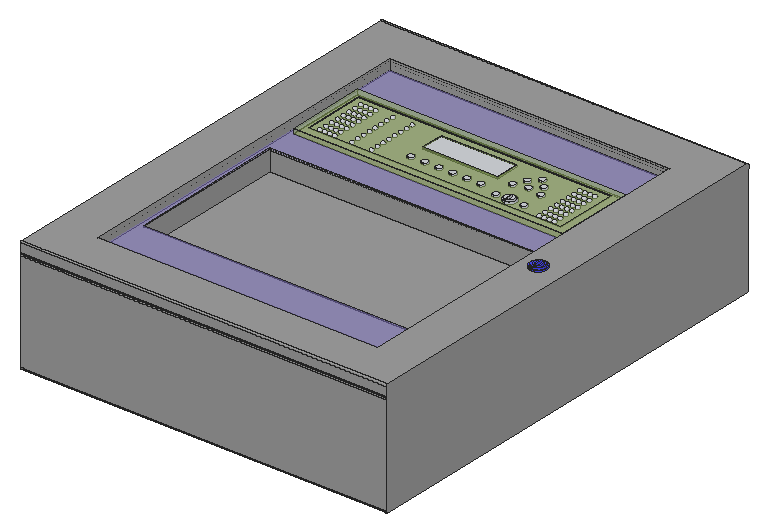
Revit family "Maxlogic Contrôle Panneaux d'Alarme Incendie Adressable Intelligent grande caisse", category Fire Alarm Devices, host Face, Revit 2021
Family settings
  Host = Face
  Maintain Annotation Orientation = Yes
  Round Connector Dimension = Use Diameter
  Part Type = Normal
  OmniClass Number = 23.85.30.21
  OmniClass Title = Environmental Detection/Registration
  Cut with Voids When Loaded = No
  Shared = No
  Room Calculation Point = No
Parameters (values of type "Panneau de Contrôle d'Alarme Incendie Adressable,15 Boucle ,1905 Adresse")
  Poids = "~ 34,25 - 35,70 kg (Akü hariç ağırlık)"
  Boîtier de montage en surface étanche = ""
  Unité de durée de garantie = "Ans"
  Durée de la garantie réservé = "2"
  Durée de la garantie Travail = "2"
  Version = ""
  URL = "https://www.mavili.com.tr/"
  Socle montage de Surlévé = ""
  Numéro de pose des travaux publics = "833-317"
  protection de Classe = "IP30"
  Code de Produit = "ML-12515"
  Numèro de Téléphone = "(+)90 216 466 45 05"
  Voltage de fonctionnement (default) = ""
  voltage fonction d'opération = ""
  Tempèrature de Fonctionnement = "(-10°C) - (+55°C)"
  Largeur Nominale = "205 mm"
  Longeur Nominale = "650 mm"
  Hauteur Nominale = "800 mm"
  Surface de Montage = "Montage à Mur"
  Hauteur de Montage = ""
  Model = "Maxlogic"
  Manufacturer = "Mavili Elektronik Ticaret A.Ş."
  Manuel d'installation = "https://mavilielektronik.com/Revit/ML125XX_enkk.pdf"
  Sortie d'indicateur = ""
  Numèro de Fax = "(+)90 216 466 45 10"
  Alimentation d'externe = "220 V AC"
  E-Poste = "mavili@mavili.com.tr"
  Avertissement = ""
  Charger adresse d'appareil = ""
  Description = "Panneau de Contrôle d'Alarme Incendie Adressable,15 Boucle ,1905 Adresse"
  Default Elevation = 0 mm
  Current de Consommation = ""
  Coût Unité = ""
  Cost = 0
  Socles Compatible = ""
  Couleur = "Rouge"
  Code de  Performance = "EN 54\u001f-2 / EN 54-\u001f4"
  Matériel Principe = "Mètale Rouge"
  Deuxime Matèriel = "Plexiglas"
  Batterie = "4 X (12V DC 7 Ah )"
  Adresse ligne 1 = "Şerifali Mahallesi Kutup Sokak No:27/1-2-4 Ümraniye TR-34775 İSTANBUL"
Types (18, lengths in mm): name | Poids | Unité de durée de garantie | Numéro de pose des travaux publics | Code de Produit | Model | Description
  (no name) | "~ 34,25 - 35,70 kg (Akü hariç ağırlık)" | "Ans" | "833-317" | "ML-12515" | "Maxlogic" | "Panneau de Contrôle d'Alarme Incendie Adressable,15 Boucle ,1905 Adresse"
  Maxlogic Tableau Répétiteur sans boucle avec réseau | "~ 34,25 - 35,70 kg (Akü hariç ağırlık)" | "Ans" | "" | "ML-1250.N" | "Maxlogic" | "Tableau Répétiteur sans boucle avec réseau"
  Maxlogic Panneau de Contrôle d'Alarme Incendie Adressable,1 Boucle ,127 Adresse | "~ 34,25 - 35,70 kg (Sans batterie)" | "Ans" | "" | "ML-1251" | "Maxlogic" | "Panneau de Contrôle d'Alarme Incendie Adressable , 1 Boucle ,127 Adresse"
  Maxlogic Panneau de Contrôle d'Alarme Incendie Adressable,2 Boucle ,254 Adresse | "~ 34,25 - 35,70 kg (Sans batterie)" | "Ans" | "" | "ML-1252" | "MaxLogic" | "Panneau de Contrôle d'Alarme Incendie Adressable , 2 Boucle ,254 Adresse"
  Maxlogic Panneau de Contrôle d'Alarme Incendie Adressable,3 Boucle ,381 Adresse | "~ 34,25 - 35,70 kg (Sans Batterie)" | "Ans" | "" | "ML-1253" | "Maxlogic" | "Panneau de Contrôle d'Alarme Incendie Adressable ,3 Boucle ,381 Adresse"
  Maxlogic Panneau de Contrôle d'Alarme Incendie Adressable,4 Boucle ,508 Adresse | "~ 34,25 - 35,70 kg (Sans batterie)" | "Ans" | "" | "ML-1254" | "Maxlogic" | "Panneau de Contrôle d'Alarme Incendie Adressable , 4 Boucle ,508 Adresse"
  Maxlogic Panneau de Contrôle d'Alarme Incendie Adressable,5 Boucle ,635 Adresse | "~ 34,25 - 35,70 kg (Sans batterie)" | "Ans" | "" | "ML-1255" | "Maxlogic" | "Panneau de Contrôle d'Alarme Incendie Adressable , 5 Boucle ,635 Adresse"
  Maxlogic Panneau de Contrôle d'Alarme Incendie Adressable,6 Boucle ,762 Adresse | "~ 34,25 - 35,70 kg (Sans batterie)" | "Ans" | "" | "ML-1256" | "Maxlogic" | "Panneau de Contrôle d'Alarme Incendie Adressable,6 Boucle ,762 Adresse"
  Maxlogic  Panneau de Contrôle d'Alarme Incendie Adressable,7 Boucle ,889 Adresse | "~ 34,25 - 35,70 kg (Sans batterie)" | "Ans" | "" | "ML-1257" | "Maxlogic" | "Panneau de Contrôle d'Alarme Incendie Adressable,7 Boucle ,889 Adresse"
  Maxlogic  Panneau de Contrôle d'Alarme Incendie Adressable,8 Boucle ,1016 Adresse | "~ 34,25 - 35,70 kg (Sans batterie)" | "Ans" | "" | "ML-1258" | "Maxlogic" | "Panneau de Contrôle d'Alarme Incendie Adressable,8 Boucle ,1016 Adresse"
  Maxlogic  Panneau de Contrôle d'Alarme Incendie Adressable,9 Boucle ,1143 Adresse | "~ 34,25 - 35,70 kg (sans batterie)" | "Ans" | "833-311" | "ML-1259" | "Maxlogic" | "Panneau de Contrôle d'Alarme Incendie Adressable,9 Boucle ,1143 Adresse"
  Maxlogic  Panneau de Contrôle d'Alarme Incendie Adressable,10 Boucle ,1270 Adresse | "~ 34,25 - 35,70 kg (sans batterie)" | "Ans" | "833-312" | "ML-12510" | "Maxlogic" | "Panneau de Contrôle d'Alarme Incendie Adressable,10 Boucle ,1270 Adresse"
  Maxlogic  Panneau de Contrôle d'Alarme Incendie Adressable,11 Boucle ,1397 Adresse | "~ 34,25 - 35,70 kg (sans batterie)" | "Ans" | "833-313" | "ML-12511" | "Maxlogic" | "Panneau de Contrôle d'Alarme Incendie Adressable,11 Boucle ,1397 Adresse"
  Maxlogic Panneau de Contrôle d'Alarme Incendie Adressable,12 Boucle ,1524 Adresse | "~ 34,25 - 35,70 kg (sans batterie)" | "Year" | "833-314" | "ML-12512" | "Maxlogic" | "Panneau de Contrôle d'Alarme Incendie Adressable,12 Boucle ,1524 Adresse"
  Maxlogic  Panneau de Contrôle d'Alarme Incendie Adressable,13 Boucle ,1651 Adresse | "~ 34,25 - 35,70 kg (sans batterie)" | "Ans" | "833-315" | "ML-12513" | "Maxlogic" | "Panneau de Contrôle d'Alarme Incendie Adressable,13 Boucle ,1651 Adresse"
  Maxlogic  Panneau de Contrôle d'Alarme Incendie Adressable,14 Boucle ,1778 Adresse | "~ 34,25 - 35,70 kg (Sans batterie)" | "Ans" | "833-316" | "ML-12514" | "Maxlogic" | "Panneau de Contrôle d'Alarme Incendie Adressable,14 Boucle ,1778 Adresse"
  Panneau de Contrôle d'Alarme Incendie Adressable,15 Boucle ,1905 Adresse | "~ 34,25 - 35,70 kg (Akü hariç ağırlık)" | "Ans" | "833-317" | "ML-12515" | "Maxlogic" | "Panneau de Contrôle d'Alarme Incendie Adressable,15 Boucle ,1905 Adresse"
  Maxlogic Panneau de Contrôle d'Alarme Incendie Adressable,16 Boucle ,2032 Adresse | "~ 34,25 - 35,70 kg (Akü hariç ağırlık)" | "Ans" | "833-318" | "ML-12516" | "Maxlogic" | "Panneau de Contrôle d'Alarme Incendie Adressable,16 Boucle ,2032 Adresse"
Reference planes
  plane 1 "Center (Front/Back)": y = 0
  plane 2: z = 0
  plane 3 "Center (Left/Right)": x = 0
Forms (mm)
  Extrusion 1, solid, material "MAVİLİ KIRMIZI"
    sketch origin (0, 0, 0) x (0, 1, 0) y (0, 0, 1)
      loop
        arc (400, 0) -> (401.202, 0.498) -> (401.7, 1.7) r 1.7
        line (401.7, 1.7) -> (401.7, 20) -> (401.7, 22) -> (401.7, 169.2) -> (401.7, 171.2) -> (401.7, 181.2)
        arc (401.7, 181.2) -> (401.319, 182.119) -> (400.4, 182.5) r 1.3
        line (400.4, 182.5) -> (375.5, 182.5) -> (375.5, 183.35) -> (400.4, 183.35)
        arc (400.4, 183.35) -> (402.238, 184.112) -> (403, 185.95) r 2.6
        line (403, 185.95) -> (403, 202.45)
        arc (403, 202.45) -> (402.268, 204.218) -> (400.5, 204.95) r 2.5
        line (400.5, 204.95) -> (-400.5, 204.95)
        arc (-400.5, 204.95) -> (-402.268, 204.218) -> (-403, 202.45) r 2.5
        line (-403, 202.45) -> (-403, 185.95)
        arc (-403, 185.95) -> (-402.238, 184.112) -> (-400.4, 183.35) r 2.6
        line (-400.4, 183.35) -> (-388, 183.35) -> (-375.4, 183.35) -> (-375.4, 182.507) -> (-400.401, 182.507)
        arc (-400.401, 182.507) -> (-401.319, 182.127) -> (-401.7, 181.208) r 1.299
        line (-401.7, 181.208) -> (-401.7, 1.7)
        arc (-401.7, 1.7) -> (-401.202, 0.498) -> (-400, 0) r 1.7
        line (-400, 0) -> (400, 0)
    from 0 to 653.309
  Extrusion 2, solid, material "MAVİLİ KOYU GRİ"
    sketch origin (0, 400.5, 204.95) x (0, -1, 0) y (1, 0, 0)
      loop
        circle (408.79, 607.566) r 14.964
    from 0 to 1.467
  Extrusion 3, solid, material "MAVİLİ KOYU GRİ"
    sketch origin (0, 400.5, 204.95) x (0, -1, 0) y (1, 0, 0)
      loop
        circle (408.79, 607.566) r 11.5
    from 0 to 3.526
  Extrusion 4, solid, material "MAVİLİ KOYU GRİ"
    sketch origin (0, 400.5, 204.95) x (0, -1, 0) y (1, 0, 0)
      loop
        circle (408.79, 607.566) r 7.5
    from 0 to 4.805
  Extrusion 5, solid, material "MAVİLİ KOYU GRİ"
    sketch origin (0, 400.5, 204.95) x (0, -1, 0) y (1, 0, 0)
      loop
        line (414.975, 609.11) -> (402.606, 609.11) -> (402.606, 606.022) -> (414.975, 606.022) -> (414.975, 609.11)
    from 0 to 7.467
  Extrusion 6, void
    sketch origin (0, 0, 0) x (1, 0, 0) y (0, 1, 0)
      loop
        line (77.8, 322.429) -> (77.8, -327.571) -> (577.8, -327.571) -> (577.8, 322.429) -> (77.8, 322.429)
    from 185.95 to 212.35
  Extrusion 7, solid, material "MAVİLİ BEYAZ"
    sketch origin (0, 0, 185.95) x (1, 0, 0) y (0, 1, 0)
      loop
        line (87.8, 238.929) -> (87.8, 95.929) -> (567.8, 95.929) -> (567.8, 238.929) -> (87.8, 238.929)
    from 0 to 11.04
  Extrusion 8, void
    sketch origin (0, 0, 196.99) x (0, 1, 0) y (1, 0, 0)
      loop
        line (223.929, 102.8) -> (223.929, 552.8) -> (110.929, 552.8) -> (110.929, 102.8) -> (223.929, 102.8)
    from 0 to 2.067
  Revolve 9, solid
    sketch origin (0, 0, 194.923) x (0, 1, 0) y (-1, 0, 0)
      loop
        line (211.929, -117.7) -> (205.929, -117.7)
        arc (205.929, -117.7) -> (208.929, -120.7) -> (211.929, -117.7) r 3
      axis (211.929, -117.7) -> (205.929, -117.7)
    angle from 0 to -180
  Revolve 10, solid
    sketch origin (9, 0, 194.923) x (0, 1, 0) y (-1, 0, 0)
      loop
        line (211.929, -117.7) -> (205.929, -117.7)
        arc (205.929, -117.7) -> (208.929, -120.7) -> (211.929, -117.7) r 3
      axis (211.929, -117.7) -> (205.929, -117.7)
    angle from 0 to -180
  Revolve 11, solid
    sketch origin (18, 0, 194.923) x (0, 1, 0) y (-1, 0, 0)
      loop
        line (211.929, -117.7) -> (205.929, -117.7)
        arc (205.929, -117.7) -> (208.929, -120.7) -> (211.929, -117.7) r 3
      axis (211.929, -117.7) -> (205.929, -117.7)
    angle from 0 to -180
  Revolve 12, solid
    sketch origin (27, 0, 194.923) x (0, 1, 0) y (-1, 0, 0)
      loop
        line (211.929, -117.7) -> (205.929, -117.7)
        arc (205.929, -117.7) -> (208.929, -120.7) -> (211.929, -117.7) r 3
      axis (211.929, -117.7) -> (205.929, -117.7)
    angle from 0 to -180
  Revolve 13, solid
    sketch origin (0, -13, 194.923) x (0, 1, 0) y (-1, 0, 0)
      loop
        line (211.929, -117.7) -> (205.929, -117.7)
        arc (205.929, -117.7) -> (208.929, -120.7) -> (211.929, -117.7) r 3
      axis (211.929, -117.7) -> (205.929, -117.7)
    angle from 0 to -180
  Revolve 14, solid
    sketch origin (9, -13, 194.923) x (0, 1, 0) y (-1, 0, 0)
      loop
        line (211.929, -117.7) -> (205.929, -117.7)
        arc (205.929, -117.7) -> (208.929, -120.7) -> (211.929, -117.7) r 3
      axis (211.929, -117.7) -> (205.929, -117.7)
    angle from 0 to -180
  Revolve 15, solid
    sketch origin (18, -13, 194.923) x (0, 1, 0) y (-1, 0, 0)
      loop
        line (211.929, -117.7) -> (205.929, -117.7)
        arc (205.929, -117.7) -> (208.929, -120.7) -> (211.929, -117.7) r 3
      axis (211.929, -117.7) -> (205.929, -117.7)
    angle from 0 to -180
  Revolve 16, solid
    sketch origin (27, -13, 194.923) x (0, 1, 0) y (-1, 0, 0)
      loop
        line (211.929, -117.7) -> (205.929, -117.7)
        arc (205.929, -117.7) -> (208.929, -120.7) -> (211.929, -117.7) r 3
      axis (211.929, -117.7) -> (205.929, -117.7)
    angle from 0 to -180
  Revolve 17, solid
    sketch origin (0, -26, 194.923) x (0, 1, 0) y (-1, 0, 0)
      loop
        line (211.929, -117.7) -> (205.929, -117.7)
        arc (205.929, -117.7) -> (208.929, -120.7) -> (211.929, -117.7) r 3
      axis (211.929, -117.7) -> (205.929, -117.7)
    angle from 0 to -180
  Revolve 18, solid
    sketch origin (9, -26, 194.923) x (0, 1, 0) y (-1, 0, 0)
      loop
        line (211.929, -117.7) -> (205.929, -117.7)
        arc (205.929, -117.7) -> (208.929, -120.7) -> (211.929, -117.7) r 3
      axis (211.929, -117.7) -> (205.929, -117.7)
    angle from 0 to -180
  Revolve 19, solid
    sketch origin (18, -26, 194.923) x (0, 1, 0) y (-1, 0, 0)
      loop
        line (211.929, -117.7) -> (205.929, -117.7)
        arc (205.929, -117.7) -> (208.929, -120.7) -> (211.929, -117.7) r 3
      axis (211.929, -117.7) -> (205.929, -117.7)
    angle from 0 to -180
  Revolve 20, solid
    sketch origin (27, -26, 194.923) x (0, 1, 0) y (-1, 0, 0)
      loop
        line (211.929, -117.7) -> (205.929, -117.7)
        arc (205.929, -117.7) -> (208.929, -120.7) -> (211.929, -117.7) r 3
      axis (211.929, -117.7) -> (205.929, -117.7)
    angle from 0 to -180
  Revolve 21, solid
    sketch origin (0, -39, 194.923) x (0, 1, 0) y (-1, 0, 0)
      loop
        line (211.929, -117.7) -> (205.929, -117.7)
        arc (205.929, -117.7) -> (208.929, -120.7) -> (211.929, -117.7) r 3
      axis (211.929, -117.7) -> (205.929, -117.7)
    angle from 0 to -180
  Revolve 22, solid
    sketch origin (9, -39, 194.923) x (0, 1, 0) y (-1, 0, 0)
      loop
        line (211.929, -117.7) -> (205.929, -117.7)
        arc (205.929, -117.7) -> (208.929, -120.7) -> (211.929, -117.7) r 3
      axis (211.929, -117.7) -> (205.929, -117.7)
    angle from 0 to -180
  Revolve 23, solid
    sketch origin (18, -39, 194.923) x (0, 1, 0) y (-1, 0, 0)
      loop
        line (211.929, -117.7) -> (205.929, -117.7)
        arc (205.929, -117.7) -> (208.929, -120.7) -> (211.929, -117.7) r 3
      axis (211.929, -117.7) -> (205.929, -117.7)
    angle from 0 to -180
  Revolve 24, solid
    sketch origin (27, -39, 194.923) x (0, 1, 0) y (-1, 0, 0)
      loop
        line (211.929, -117.7) -> (205.929, -117.7)
        arc (205.929, -117.7) -> (208.929, -120.7) -> (211.929, -117.7) r 3
      axis (211.929, -117.7) -> (205.929, -117.7)
    angle from 0 to -180
  Revolve 25, solid
    sketch origin (0, -52, 194.923) x (0, 1, 0) y (-1, 0, 0)
      loop
        line (211.929, -117.7) -> (205.929, -117.7)
        arc (205.929, -117.7) -> (208.929, -120.7) -> (211.929, -117.7) r 3
      axis (211.929, -117.7) -> (205.929, -117.7)
    angle from 0 to -180
  Revolve 26, solid
    sketch origin (9, -52, 194.923) x (0, 1, 0) y (-1, 0, 0)
      loop
        line (211.929, -117.7) -> (205.929, -117.7)
        arc (205.929, -117.7) -> (208.929, -120.7) -> (211.929, -117.7) r 3
      axis (211.929, -117.7) -> (205.929, -117.7)
    angle from 0 to -180
  Revolve 27, solid
    sketch origin (18, -52, 194.923) x (0, 1, 0) y (-1, 0, 0)
      loop
        line (211.929, -117.7) -> (205.929, -117.7)
        arc (205.929, -117.7) -> (208.929, -120.7) -> (211.929, -117.7) r 3
      axis (211.929, -117.7) -> (205.929, -117.7)
    angle from 0 to -180
  Revolve 28, solid
    sketch origin (27, -52, 194.923) x (0, 1, 0) y (-1, 0, 0)
      loop
        line (211.929, -117.7) -> (205.929, -117.7)
        arc (205.929, -117.7) -> (208.929, -120.7) -> (211.929, -117.7) r 3
      axis (211.929, -117.7) -> (205.929, -117.7)
    angle from 0 to -180
  Revolve 29, solid
    sketch origin (0, -65, 194.923) x (0, 1, 0) y (-1, 0, 0)
      loop
        line (211.929, -117.7) -> (205.929, -117.7)
        arc (205.929, -117.7) -> (208.929, -120.7) -> (211.929, -117.7) r 3
      axis (211.929, -117.7) -> (205.929, -117.7)
    angle from 0 to -180
  Revolve 30, solid
    sketch origin (9, -65, 194.923) x (0, 1, 0) y (-1, 0, 0)
      loop
        line (211.929, -117.7) -> (205.929, -117.7)
        arc (205.929, -117.7) -> (208.929, -120.7) -> (211.929, -117.7) r 3
      axis (211.929, -117.7) -> (205.929, -117.7)
    angle from 0 to -180
  Revolve 31, solid
    sketch origin (18, -65, 194.923) x (0, 1, 0) y (-1, 0, 0)
      loop
        line (211.929, -117.7) -> (205.929, -117.7)
        arc (205.929, -117.7) -> (208.929, -120.7) -> (211.929, -117.7) r 3
      axis (211.929, -117.7) -> (205.929, -117.7)
    angle from 0 to -180
  Revolve 32, solid
    sketch origin (27, -65, 194.923) x (0, 1, 0) y (-1, 0, 0)
      loop
        line (211.929, -117.7) -> (205.929, -117.7)
        arc (205.929, -117.7) -> (208.929, -120.7) -> (211.929, -117.7) r 3
      axis (211.929, -117.7) -> (205.929, -117.7)
    angle from 0 to -180
  Revolve 33, solid
    sketch origin (0, -78, 194.923) x (0, 1, 0) y (-1, 0, 0)
      loop
        line (211.929, -117.7) -> (205.929, -117.7)
        arc (205.929, -117.7) -> (208.929, -120.7) -> (211.929, -117.7) r 3
      axis (211.929, -117.7) -> (205.929, -117.7)
    angle from 0 to -180
  Revolve 34, solid
    sketch origin (9, -78, 194.923) x (0, 1, 0) y (-1, 0, 0)
      loop
        line (211.929, -117.7) -> (205.929, -117.7)
        arc (205.929, -117.7) -> (208.929, -120.7) -> (211.929, -117.7) r 3
      axis (211.929, -117.7) -> (205.929, -117.7)
    angle from 0 to -180
  Revolve 35, solid
    sketch origin (18, -78, 194.923) x (0, 1, 0) y (-1, 0, 0)
      loop
        line (211.929, -117.7) -> (205.929, -117.7)
        arc (205.929, -117.7) -> (208.929, -120.7) -> (211.929, -117.7) r 3
      axis (211.929, -117.7) -> (205.929, -117.7)
    angle from 0 to -180
  Revolve 36, solid
    sketch origin (27, -78, 194.923) x (0, 1, 0) y (-1, 0, 0)
      loop
        line (211.929, -117.7) -> (205.929, -117.7)
        arc (205.929, -117.7) -> (208.929, -120.7) -> (211.929, -117.7) r 3
      axis (211.929, -117.7) -> (205.929, -117.7)
    angle from 0 to -180
  Revolve 37, solid
    sketch origin (0, -91, 194.923) x (0, 1, 0) y (-1, 0, 0)
      loop
        line (211.929, -117.7) -> (205.929, -117.7)
        arc (205.929, -117.7) -> (208.929, -120.7) -> (211.929, -117.7) r 3
      axis (211.929, -117.7) -> (205.929, -117.7)
    angle from 0 to -180
  Revolve 38, solid
    sketch origin (9, -91, 194.923) x (0, 1, 0) y (-1, 0, 0)
      loop
        line (211.929, -117.7) -> (205.929, -117.7)
        arc (205.929, -117.7) -> (208.929, -120.7) -> (211.929, -117.7) r 3
      axis (211.929, -117.7) -> (205.929, -117.7)
    angle from 0 to -180
  Revolve 39, solid
    sketch origin (18, -91, 194.923) x (0, 1, 0) y (-1, 0, 0)
      loop
        line (211.929, -117.7) -> (205.929, -117.7)
        arc (205.929, -117.7) -> (208.929, -120.7) -> (211.929, -117.7) r 3
      axis (211.929, -117.7) -> (205.929, -117.7)
    angle from 0 to -180
  Revolve 40, solid
    sketch origin (27, -91, 194.923) x (0, 1, 0) y (-1, 0, 0)
      loop
        line (211.929, -117.7) -> (205.929, -117.7)
        arc (205.929, -117.7) -> (208.929, -120.7) -> (211.929, -117.7) r 3
      axis (211.929, -117.7) -> (205.929, -117.7)
    angle from 0 to -180
  Revolve 41, solid
    sketch origin (57, 0, 194.923) x (0, 1, 0) y (-1, 0, 0)
      loop
        line (211.929, -117.7) -> (205.929, -117.7)
        arc (205.929, -117.7) -> (208.929, -120.7) -> (211.929, -117.7) r 3
      axis (211.929, -117.7) -> (205.929, -117.7)
    angle from 0 to -180
  Revolve 42, solid
    sketch origin (57, -13, 194.923) x (0, 1, 0) y (-1, 0, 0)
      loop
        line (211.929, -117.7) -> (205.929, -117.7)
        arc (205.929, -117.7) -> (208.929, -120.7) -> (211.929, -117.7) r 3
      axis (211.929, -117.7) -> (205.929, -117.7)
    angle from 0 to -180
  Revolve 43, solid
    sketch origin (57, -26, 194.923) x (0, 1, 0) y (-1, 0, 0)
      loop
        line (211.929, -117.7) -> (205.929, -117.7)
        arc (205.929, -117.7) -> (208.929, -120.7) -> (211.929, -117.7) r 3
      axis (211.929, -117.7) -> (205.929, -117.7)
    angle from 0 to -180
  Revolve 44, solid
    sketch origin (57, -39, 194.923) x (0, 1, 0) y (-1, 0, 0)
      loop
        line (211.929, -117.7) -> (205.929, -117.7)
        arc (205.929, -117.7) -> (208.929, -120.7) -> (211.929, -117.7) r 3
      axis (211.929, -117.7) -> (205.929, -117.7)
    angle from 0 to -180
  Revolve 45, solid
    sketch origin (57, -52, 194.923) x (0, 1, 0) y (-1, 0, 0)
      loop
        line (211.929, -117.7) -> (205.929, -117.7)
        arc (205.929, -117.7) -> (208.929, -120.7) -> (211.929, -117.7) r 3
      axis (211.929, -117.7) -> (205.929, -117.7)
    angle from 0 to -180
  Revolve 46, solid
    sketch origin (57, -65, 194.923) x (0, 1, 0) y (-1, 0, 0)
      loop
        line (211.929, -117.7) -> (205.929, -117.7)
        arc (205.929, -117.7) -> (208.929, -120.7) -> (211.929, -117.7) r 3
      axis (211.929, -117.7) -> (205.929, -117.7)
    angle from 0 to -180
  Revolve 47, solid
    sketch origin (57, -78, 194.923) x (0, 1, 0) y (-1, 0, 0)
      loop
        line (211.929, -117.7) -> (205.929, -117.7)
        arc (205.929, -117.7) -> (208.929, -120.7) -> (211.929, -117.7) r 3
      axis (211.929, -117.7) -> (205.929, -117.7)
    angle from 0 to -180
  Revolve 48, solid
    sketch origin (57, -91, 194.923) x (0, 1, 0) y (-1, 0, 0)
      loop
        line (211.929, -117.7) -> (205.929, -117.7)
        arc (205.929, -117.7) -> (208.929, -120.7) -> (211.929, -117.7) r 3
      axis (211.929, -117.7) -> (205.929, -117.7)
    angle from 0 to -180
  Revolve 49, solid
    sketch origin (92, 0, 194.923) x (0, 1, 0) y (-1, 0, 0)
      loop
        line (211.929, -117.7) -> (205.929, -117.7)
        arc (205.929, -117.7) -> (208.929, -120.7) -> (211.929, -117.7) r 3
      axis (211.929, -117.7) -> (205.929, -117.7)
    angle from 0 to -180
  Revolve 50, solid
    sketch origin (92, -13, 194.923) x (0, 1, 0) y (-1, 0, 0)
      loop
        line (211.929, -117.7) -> (205.929, -117.7)
        arc (205.929, -117.7) -> (208.929, -120.7) -> (211.929, -117.7) r 3
      axis (211.929, -117.7) -> (205.929, -117.7)
    angle from 0 to -180
  Revolve 51, solid
    sketch origin (92, -26, 194.923) x (0, 1, 0) y (-1, 0, 0)
      loop
        line (211.929, -117.7) -> (205.929, -117.7)
        arc (205.929, -117.7) -> (208.929, -120.7) -> (211.929, -117.7) r 3
      axis (211.929, -117.7) -> (205.929, -117.7)
    angle from 0 to -180
  Revolve 52, solid
    sketch origin (92, -39, 194.923) x (0, 1, 0) y (-1, 0, 0)
      loop
        line (211.929, -117.7) -> (205.929, -117.7)
        arc (205.929, -117.7) -> (208.929, -120.7) -> (211.929, -117.7) r 3
      axis (211.929, -117.7) -> (205.929, -117.7)
    angle from 0 to -180
  Revolve 53, solid
    sketch origin (92, -52, 194.923) x (0, 1, 0) y (-1, 0, 0)
      loop
        line (211.929, -117.7) -> (205.929, -117.7)
        arc (205.929, -117.7) -> (208.929, -120.7) -> (211.929, -117.7) r 3
      axis (211.929, -117.7) -> (205.929, -117.7)
    angle from 0 to -180
  Revolve 54, solid
    sketch origin (92, -65, 194.923) x (0, 1, 0) y (-1, 0, 0)
      loop
        line (211.929, -117.7) -> (205.929, -117.7)
        arc (205.929, -117.7) -> (208.929, -120.7) -> (211.929, -117.7) r 3
      axis (211.929, -117.7) -> (205.929, -117.7)
    angle from 0 to -180
  Revolve 55, solid
    sketch origin (92, -78, 194.923) x (0, 1, 0) y (-1, 0, 0)
      loop
        line (211.929, -117.7) -> (205.929, -117.7)
        arc (205.929, -117.7) -> (208.929, -120.7) -> (211.929, -117.7) r 3
      axis (211.929, -117.7) -> (205.929, -117.7)
    angle from 0 to -180
  Revolve 56, solid
    sketch origin (92, -91, 194.923) x (0, 1, 0) y (-1, 0, 0)
      loop
        line (211.929, -117.7) -> (205.929, -117.7)
        arc (205.929, -117.7) -> (208.929, -120.7) -> (211.929, -117.7) r 3
      axis (211.929, -117.7) -> (205.929, -117.7)
    angle from 0 to -180
  Extrusion 57, solid
    sketch origin (0, 0, 194.923) x (0, 1, 0) y (-1, 0, 0)
      loop
        circle (137.429, -264.2) r 5.5
    from 0 to 1.44
  Extrusion 58, solid
    sketch origin (25, 0, 194.923) x (0, 1, 0) y (-1, 0, 0)
      loop
        circle (137.429, -264.2) r 5.5
    from 0 to 1.44
  Extrusion 59, solid
    sketch origin (50, 0, 194.923) x (0, 1, 0) y (-1, 0, 0)
      loop
        circle (137.429, -264.2) r 5.5
    from 0 to 1.44
  Extrusion 60, solid
    sketch origin (75, 0, 194.923) x (0, 1, 0) y (-1, 0, 0)
      loop
        circle (137.429, -264.2) r 5.5
    from 0 to 1.44
  Extrusion 61, solid
    sketch origin (100, 0, 194.923) x (0, 1, 0) y (-1, 0, 0)
      loop
        circle (137.429, -264.2) r 5.5
    from 0 to 1.44
  Extrusion 62, solid
    sketch origin (125, 0, 194.923) x (0, 1, 0) y (-1, 0, 0)
      loop
        circle (137.429, -264.2) r 5.5
    from 0 to 1.44
  Extrusion 63, solid
    sketch origin (159.838, -9.99, 194.923) x (0, 1, 0) y (-1, 0, 0)
      loop
        circle (137.429, -264.2) r 5.5
    from 0 to 1.44
  Extrusion 64, solid
    sketch origin (209.838, -9.99, 194.923) x (0, 1, 0) y (-1, 0, 0)
      loop
        circle (137.429, -264.2) r 5.5
    from 0 to 1.44
  Extrusion 65, solid
    sketch origin (209.838, 27.51, 194.923) x (0, 1, 0) y (-1, 0, 0)
      loop
        circle (137.429, -264.2) r 5.5
    from 0 to 1.44
  Extrusion 66, solid
    sketch origin (184.09, 32.515, 194.923) x (0, 1, 0) y (-1, 0, 0)
      loop
        circle (137.429, -264.2) r 5.5
    from 0 to 1.44
  Extrusion 67, solid
    sketch origin (159.636, 27.318, 194.923) x (0, 1, 0) y (-1, 0, 0)
      loop
        circle (137.429, -264.2) r 5.5
    from 0 to 1.44
  Extrusion 68, solid
    sketch origin (169.48, 47.5, 194.923) x (0, 1, 0) y (-1, 0, 0)
      loop
        circle (137.429, -264.2) r 5.5
    from 0 to 1.44
  Extrusion 69, solid
    sketch origin (199.52, 47.5, 194.923) x (0, 1, 0) y (-1, 0, 0)
      loop
        circle (137.429, -264.2) r 5.5
    from 0 to 1.44
  Extrusion 70, solid
    sketch origin (184.52, 62.5, 194.923) x (0, 1, 0) y (-1, 0, 0)
      loop
        circle (137.429, -264.2) r 5.5
    from 0 to 1.44
  Revolve 71, solid
    sketch origin (391, 0, 194.923) x (0, 1, 0) y (-1, 0, 0)
      loop
        line (211.929, -117.7) -> (205.929, -117.7)
        arc (205.929, -117.7) -> (208.929, -120.7) -> (211.929, -117.7) r 3
      axis (211.929, -117.7) -> (205.929, -117.7)
    angle from 0 to -180
  Revolve 72, solid
    sketch origin (400, 0, 194.923) x (0, 1, 0) y (-1, 0, 0)
      loop
        line (211.929, -117.7) -> (205.929, -117.7)
        arc (205.929, -117.7) -> (208.929, -120.7) -> (211.929, -117.7) r 3
      axis (211.929, -117.7) -> (205.929, -117.7)
    angle from 0 to -180
  Revolve 73, solid
    sketch origin (409, 0, 194.923) x (0, 1, 0) y (-1, 0, 0)
      loop
        line (211.929, -117.7) -> (205.929, -117.7)
        arc (205.929, -117.7) -> (208.929, -120.7) -> (211.929, -117.7) r 3
      axis (211.929, -117.7) -> (205.929, -117.7)
    angle from 0 to -180
  Revolve 74, solid
    sketch origin (418, 0, 194.923) x (0, 1, 0) y (-1, 0, 0)
      loop
        line (211.929, -117.7) -> (205.929, -117.7)
        arc (205.929, -117.7) -> (208.929, -120.7) -> (211.929, -117.7) r 3
      axis (211.929, -117.7) -> (205.929, -117.7)
    angle from 0 to -180
  Revolve 75, solid
    sketch origin (391, -13, 194.923) x (0, 1, 0) y (-1, 0, 0)
      loop
        line (211.929, -117.7) -> (205.929, -117.7)
        arc (205.929, -117.7) -> (208.929, -120.7) -> (211.929, -117.7) r 3
      axis (211.929, -117.7) -> (205.929, -117.7)
    angle from 0 to -180
  Revolve 76, solid
    sketch origin (400, -13, 194.923) x (0, 1, 0) y (-1, 0, 0)
      loop
        line (211.929, -117.7) -> (205.929, -117.7)
        arc (205.929, -117.7) -> (208.929, -120.7) -> (211.929, -117.7) r 3
      axis (211.929, -117.7) -> (205.929, -117.7)
    angle from 0 to -180
  Revolve 77, solid
    sketch origin (409, -13, 194.923) x (0, 1, 0) y (-1, 0, 0)
      loop
        line (211.929, -117.7) -> (205.929, -117.7)
        arc (205.929, -117.7) -> (208.929, -120.7) -> (211.929, -117.7) r 3
      axis (211.929, -117.7) -> (205.929, -117.7)
    angle from 0 to -180
  Revolve 78, solid
    sketch origin (418, -13, 194.923) x (0, 1, 0) y (-1, 0, 0)
      loop
        line (211.929, -117.7) -> (205.929, -117.7)
        arc (205.929, -117.7) -> (208.929, -120.7) -> (211.929, -117.7) r 3
      axis (211.929, -117.7) -> (205.929, -117.7)
    angle from 0 to -180
  Revolve 79, solid
    sketch origin (391, -26, 194.923) x (0, 1, 0) y (-1, 0, 0)
      loop
        line (211.929, -117.7) -> (205.929, -117.7)
        arc (205.929, -117.7) -> (208.929, -120.7) -> (211.929, -117.7) r 3
      axis (211.929, -117.7) -> (205.929, -117.7)
    angle from 0 to -180
  Revolve 80, solid
    sketch origin (400, -26, 194.923) x (0, 1, 0) y (-1, 0, 0)
      loop
        line (211.929, -117.7) -> (205.929, -117.7)
        arc (205.929, -117.7) -> (208.929, -120.7) -> (211.929, -117.7) r 3
      axis (211.929, -117.7) -> (205.929, -117.7)
    angle from 0 to -180
  Revolve 81, solid
    sketch origin (409, -26, 194.923) x (0, 1, 0) y (-1, 0, 0)
      loop
        line (211.929, -117.7) -> (205.929, -117.7)
        arc (205.929, -117.7) -> (208.929, -120.7) -> (211.929, -117.7) r 3
      axis (211.929, -117.7) -> (205.929, -117.7)
    angle from 0 to -180
  Revolve 82, solid
    sketch origin (418, -26, 194.923) x (0, 1, 0) y (-1, 0, 0)
      loop
        line (211.929, -117.7) -> (205.929, -117.7)
        arc (205.929, -117.7) -> (208.929, -120.7) -> (211.929, -117.7) r 3
      axis (211.929, -117.7) -> (205.929, -117.7)
    angle from 0 to -180
  Revolve 83, solid
    sketch origin (391, -39, 194.923) x (0, 1, 0) y (-1, 0, 0)
      loop
        line (211.929, -117.7) -> (205.929, -117.7)
        arc (205.929, -117.7) -> (208.929, -120.7) -> (211.929, -117.7) r 3
      axis (211.929, -117.7) -> (205.929, -117.7)
    angle from 0 to -180
  Revolve 84, solid
    sketch origin (400, -39, 194.923) x (0, 1, 0) y (-1, 0, 0)
      loop
        line (211.929, -117.7) -> (205.929, -117.7)
        arc (205.929, -117.7) -> (208.929, -120.7) -> (211.929, -117.7) r 3
      axis (211.929, -117.7) -> (205.929, -117.7)
    angle from 0 to -180
  Revolve 85, solid
    sketch origin (409, -39, 194.923) x (0, 1, 0) y (-1, 0, 0)
      loop
        line (211.929, -117.7) -> (205.929, -117.7)
        arc (205.929, -117.7) -> (208.929, -120.7) -> (211.929, -117.7) r 3
      axis (211.929, -117.7) -> (205.929, -117.7)
    angle from 0 to -180
  Revolve 86, solid
    sketch origin (418, -39, 194.923) x (0, 1, 0) y (-1, 0, 0)
      loop
        line (211.929, -117.7) -> (205.929, -117.7)
        arc (205.929, -117.7) -> (208.929, -120.7) -> (211.929, -117.7) r 3
      axis (211.929, -117.7) -> (205.929, -117.7)
    angle from 0 to -180
  Revolve 87, solid
    sketch origin (391, -52, 194.923) x (0, 1, 0) y (-1, 0, 0)
      loop
        line (211.929, -117.7) -> (205.929, -117.7)
        arc (205.929, -117.7) -> (208.929, -120.7) -> (211.929, -117.7) r 3
      axis (211.929, -117.7) -> (205.929, -117.7)
    angle from 0 to -180
  Revolve 88, solid
    sketch origin (400, -52, 194.923) x (0, 1, 0) y (-1, 0, 0)
      loop
        line (211.929, -117.7) -> (205.929, -117.7)
        arc (205.929, -117.7) -> (208.929, -120.7) -> (211.929, -117.7) r 3
      axis (211.929, -117.7) -> (205.929, -117.7)
    angle from 0 to -180
  Revolve 89, solid
    sketch origin (409, -52, 194.923) x (0, 1, 0) y (-1, 0, 0)
      loop
        line (211.929, -117.7) -> (205.929, -117.7)
        arc (205.929, -117.7) -> (208.929, -120.7) -> (211.929, -117.7) r 3
      axis (211.929, -117.7) -> (205.929, -117.7)
    angle from 0 to -180
  Revolve 90, solid
    sketch origin (418, -52, 194.923) x (0, 1, 0) y (-1, 0, 0)
      loop
        line (211.929, -117.7) -> (205.929, -117.7)
        arc (205.929, -117.7) -> (208.929, -120.7) -> (211.929, -117.7) r 3
      axis (211.929, -117.7) -> (205.929, -117.7)
    angle from 0 to -180
  Revolve 91, solid
    sketch origin (391, -65, 194.923) x (0, 1, 0) y (-1, 0, 0)
      loop
        line (211.929, -117.7) -> (205.929, -117.7)
        arc (205.929, -117.7) -> (208.929, -120.7) -> (211.929, -117.7) r 3
      axis (211.929, -117.7) -> (205.929, -117.7)
    angle from 0 to -180
  Revolve 92, solid
    sketch origin (400, -65, 194.923) x (0, 1, 0) y (-1, 0, 0)
      loop
        line (211.929, -117.7) -> (205.929, -117.7)
        arc (205.929, -117.7) -> (208.929, -120.7) -> (211.929, -117.7) r 3
      axis (211.929, -117.7) -> (205.929, -117.7)
    angle from 0 to -180
  Revolve 93, solid
    sketch origin (409, -65, 194.923) x (0, 1, 0) y (-1, 0, 0)
      loop
        line (211.929, -117.7) -> (205.929, -117.7)
        arc (205.929, -117.7) -> (208.929, -120.7) -> (211.929, -117.7) r 3
      axis (211.929, -117.7) -> (205.929, -117.7)
    angle from 0 to -180
  Revolve 94, solid
    sketch origin (418, -65, 194.923) x (0, 1, 0) y (-1, 0, 0)
      loop
        line (211.929, -117.7) -> (205.929, -117.7)
        arc (205.929, -117.7) -> (208.929, -120.7) -> (211.929, -117.7) r 3
      axis (211.929, -117.7) -> (205.929, -117.7)
    angle from 0 to -180
  Revolve 95, solid
    sketch origin (391, -78, 194.923) x (0, 1, 0) y (-1, 0, 0)
      loop
        line (211.929, -117.7) -> (205.929, -117.7)
        arc (205.929, -117.7) -> (208.929, -120.7) -> (211.929, -117.7) r 3
      axis (211.929, -117.7) -> (205.929, -117.7)
    angle from 0 to -180
  Revolve 96, solid
    sketch origin (400, -78, 194.923) x (0, 1, 0) y (-1, 0, 0)
      loop
        line (211.929, -117.7) -> (205.929, -117.7)
        arc (205.929, -117.7) -> (208.929, -120.7) -> (211.929, -117.7) r 3
      axis (211.929, -117.7) -> (205.929, -117.7)
    angle from 0 to -180
  Revolve 97, solid
    sketch origin (409, -78, 194.923) x (0, 1, 0) y (-1, 0, 0)
      loop
        line (211.929, -117.7) -> (205.929, -117.7)
        arc (205.929, -117.7) -> (208.929, -120.7) -> (211.929, -117.7) r 3
      axis (211.929, -117.7) -> (205.929, -117.7)
    angle from 0 to -180
  Revolve 98, solid
    sketch origin (418, -78, 194.923) x (0, 1, 0) y (-1, 0, 0)
      loop
        line (211.929, -117.7) -> (205.929, -117.7)
        arc (205.929, -117.7) -> (208.929, -120.7) -> (211.929, -117.7) r 3
      axis (211.929, -117.7) -> (205.929, -117.7)
    angle from 0 to -180
  Revolve 99, solid
    sketch origin (391, -91, 194.923) x (0, 1, 0) y (-1, 0, 0)
      loop
        line (211.929, -117.7) -> (205.929, -117.7)
        arc (205.929, -117.7) -> (208.929, -120.7) -> (211.929, -117.7) r 3
      axis (211.929, -117.7) -> (205.929, -117.7)
    angle from 0 to -180
  Revolve 100, solid
    sketch origin (400, -91, 194.923) x (0, 1, 0) y (-1, 0, 0)
      loop
        line (211.929, -117.7) -> (205.929, -117.7)
        arc (205.929, -117.7) -> (208.929, -120.7) -> (211.929, -117.7) r 3
      axis (211.929, -117.7) -> (205.929, -117.7)
    angle from 0 to -180
  Revolve 101, solid
    sketch origin (409, -91, 194.923) x (0, 1, 0) y (-1, 0, 0)
      loop
        line (211.929, -117.7) -> (205.929, -117.7)
        arc (205.929, -117.7) -> (208.929, -120.7) -> (211.929, -117.7) r 3
      axis (211.929, -117.7) -> (205.929, -117.7)
    angle from 0 to -180
  Revolve 102, solid
    sketch origin (418, -91, 194.923) x (0, 1, 0) y (-1, 0, 0)
      loop
        line (211.929, -117.7) -> (205.929, -117.7)
        arc (205.929, -117.7) -> (208.929, -120.7) -> (211.929, -117.7) r 3
      axis (211.929, -117.7) -> (205.929, -117.7)
    angle from 0 to -180
  Extrusion 103, solid
    sketch origin (0, 0, 194.923) x (0, 1, 0) y (-1, 0, 0)
      loop
        circle (127.429, -448.7) r 11
    from 0 to 3
  Extrusion 104, solid
    sketch origin (0, 0, 194.923) x (0, 1, 0) y (-1, 0, 0)
      loop
        circle (127.429, -448.7) r 8.113
    from 0 to 5
  Extrusion 105, solid
    sketch origin (0, 0, 194.923) x (0, 1, 0) y (-1, 0, 0)
      loop
        line (131.17, -447.45) -> (121.17, -447.45) -> (121.17, -449.95) -> (131.17, -449.95) -> (131.17, -447.45)
    from 0 to 7
  Extrusion 106, void
    sketch origin (0, 0, 194.923) x (-1, 0, 0) y (0, 1, 0)
      loop
        line (-259.7, 210.929) -> (-393.7, 210.929) -> (-393.7, 169.929) -> (-259.7, 169.929) -> (-259.7, 210.929)
    from 0 to 4.399
  Extrusion 107, solid, material "MAVİLİ SİYAH"
    sketch origin (0, 0, 185.95) x (1, 0, 0) y (0, 1, 0)
      loop
        line (77.8, 322.429) -> (77.8, -327.571) -> (577.8, -327.571) -> (577.8, 322.429) -> (77.8, 322.429)
      loop
        line (87.8, 238.929) -> (87.8, 95.929) -> (567.8, 95.929) -> (567.8, 238.929) -> (87.8, 238.929)
      loop
        line (87.8, 44.429) -> (87.8, -237.571) -> (567.8, -237.571) -> (567.8, 44.429) -> (87.8, 44.429)
    from 0 to 2
  Extrusion 108, void
    sketch origin (0, 0, 185.95) x (0, 1, 0) y (1, 0, 0)
      loop
        line (44.429, 87.8) -> (44.429, 567.8) -> (-237.571, 567.8) -> (-237.571, 87.8) -> (44.429, 87.8)
    from -8.973 to 35.649
  Extrusion 109, solid
    sketch origin (0, 0, 192.662) x (-1, 0, 0) y (0, -1, 0)
      loop
        line (-393.7, -210.929) -> (-259.7, -210.929) -> (-259.7, -169.929) -> (-393.7, -169.929) -> (-393.7, -210.929)
    from 0 to 1.011
  Extrusion 110, solid, material "Glass"
    sketch origin (0, 0, 187.95) x (1, 0, 0) y (0, 1, 0)
      loop
        line (77.8, 322.429) -> (77.8, -327.571) -> (577.8, -327.571) -> (577.8, 322.429) -> (77.8, 322.429)
    from 9.04 to 14.339
  Extrusion 111, solid
    sketch origin (0, 0, 0) x (1, 0, 0) y (0, 0, 1)
      loop
        line (575.828, 96.743) -> (574.511, 96.743)
        arc (574.511, 96.743) -> (574.427, 95.036) -> (574.511, 93.33) r 17.356
        line (574.511, 93.33) -> (575.838, 93.33)
        arc (575.838, 93.33) -> (586.7, 84.067) -> (597.562, 93.33) r 11
        line (597.562, 93.33) -> (598.889, 93.33)
        arc (598.889, 93.33) -> (598.973, 95.036) -> (598.889, 96.743) r 17.356
        line (598.889, 96.743) -> (597.572, 96.743)
        arc (597.572, 96.743) -> (586.7, 106.067) -> (575.828, 96.743) r 11
    from -403.653 to -401.7
  Extrusion 112, solid
    sketch origin (-40, 0, 0) x (1, 0, 0) y (0, 0, 1)
      loop
        line (575.828, 96.743) -> (574.511, 96.743)
        arc (574.511, 96.743) -> (574.427, 95.036) -> (574.511, 93.33) r 17.356
        line (574.511, 93.33) -> (575.838, 93.33)
        arc (575.838, 93.33) -> (586.7, 84.067) -> (597.562, 93.33) r 11
        line (597.562, 93.33) -> (598.889, 93.33)
        arc (598.889, 93.33) -> (598.973, 95.036) -> (598.889, 96.743) r 17.356
        line (598.889, 96.743) -> (597.572, 96.743)
        arc (597.572, 96.743) -> (586.7, 106.067) -> (575.828, 96.743) r 11
    from -403.653 to -401.7
  Extrusion 113, solid
    sketch origin (-80, 0, 0) x (1, 0, 0) y (0, 0, 1)
      loop
        line (575.828, 96.743) -> (574.511, 96.743)
        arc (574.511, 96.743) -> (574.427, 95.036) -> (574.511, 93.33) r 17.356
        line (574.511, 93.33) -> (575.838, 93.33)
        arc (575.838, 93.33) -> (586.7, 84.067) -> (597.562, 93.33) r 11
        line (597.562, 93.33) -> (598.889, 93.33)
        arc (598.889, 93.33) -> (598.973, 95.036) -> (598.889, 96.743) r 17.356
        line (598.889, 96.743) -> (597.572, 96.743)
        arc (597.572, 96.743) -> (586.7, 106.067) -> (575.828, 96.743) r 11
    from -403.653 to -401.7
  Extrusion 114, solid
    sketch origin (-120, 0, 0) x (1, 0, 0) y (0, 0, 1)
      loop
        line (575.828, 96.743) -> (574.511, 96.743)
        arc (574.511, 96.743) -> (574.427, 95.036) -> (574.511, 93.33) r 17.356
        line (574.511, 93.33) -> (575.838, 93.33)
        arc (575.838, 93.33) -> (586.7, 84.067) -> (597.562, 93.33) r 11
        line (597.562, 93.33) -> (598.889, 93.33)
        arc (598.889, 93.33) -> (598.973, 95.036) -> (598.889, 96.743) r 17.356
        line (598.889, 96.743) -> (597.572, 96.743)
        arc (597.572, 96.743) -> (586.7, 106.067) -> (575.828, 96.743) r 11
    from -403.653 to -401.7
  Extrusion 115, solid
    sketch origin (-160, 0, 0) x (1, 0, 0) y (0, 0, 1)
      loop
        line (575.828, 96.743) -> (574.511, 96.743)
        arc (574.511, 96.743) -> (574.427, 95.036) -> (574.511, 93.33) r 17.356
        line (574.511, 93.33) -> (575.838, 93.33)
        arc (575.838, 93.33) -> (586.7, 84.067) -> (597.562, 93.33) r 11
        line (597.562, 93.33) -> (598.889, 93.33)
        arc (598.889, 93.33) -> (598.973, 95.036) -> (598.889, 96.743) r 17.356
        line (598.889, 96.743) -> (597.572, 96.743)
        arc (597.572, 96.743) -> (586.7, 106.067) -> (575.828, 96.743) r 11
    from -403.653 to -401.7
  Extrusion 116, solid
    sketch origin (-200, 0, 0) x (1, 0, 0) y (0, 0, 1)
      loop
        line (575.828, 96.743) -> (574.511, 96.743)
        arc (574.511, 96.743) -> (574.427, 95.036) -> (574.511, 93.33) r 17.356
        line (574.511, 93.33) -> (575.838, 93.33)
        arc (575.838, 93.33) -> (586.7, 84.067) -> (597.562, 93.33) r 11
        line (597.562, 93.33) -> (598.889, 93.33)
        arc (598.889, 93.33) -> (598.973, 95.036) -> (598.889, 96.743) r 17.356
        line (598.889, 96.743) -> (597.572, 96.743)
        arc (597.572, 96.743) -> (586.7, 106.067) -> (575.828, 96.743) r 11
    from -403.653 to -401.7
  Extrusion 117, solid
    sketch origin (-240, 0, 0) x (1, 0, 0) y (0, 0, 1)
      loop
        line (575.828, 96.743) -> (574.511, 96.743)
        arc (574.511, 96.743) -> (574.427, 95.036) -> (574.511, 93.33) r 17.356
        line (574.511, 93.33) -> (575.838, 93.33)
        arc (575.838, 93.33) -> (586.7, 84.067) -> (597.562, 93.33) r 11
        line (597.562, 93.33) -> (598.889, 93.33)
        arc (598.889, 93.33) -> (598.973, 95.036) -> (598.889, 96.743) r 17.356
        line (598.889, 96.743) -> (597.572, 96.743)
        arc (597.572, 96.743) -> (586.7, 106.067) -> (575.828, 96.743) r 11
    from -403.653 to -401.7
  Extrusion 118, solid
    sketch origin (-280, 0, 0) x (1, 0, 0) y (0, 0, 1)
      loop
        line (575.828, 96.743) -> (574.511, 96.743)
        arc (574.511, 96.743) -> (574.427, 95.036) -> (574.511, 93.33) r 17.356
        line (574.511, 93.33) -> (575.838, 93.33)
        arc (575.838, 93.33) -> (586.7, 84.067) -> (597.562, 93.33) r 11
        line (597.562, 93.33) -> (598.889, 93.33)
        arc (598.889, 93.33) -> (598.973, 95.036) -> (598.889, 96.743) r 17.356
        line (598.889, 96.743) -> (597.572, 96.743)
        arc (597.572, 96.743) -> (586.7, 106.067) -> (575.828, 96.743) r 11
    from -403.653 to -401.7
  Extrusion 119, solid
    sketch origin (-320, 0, 0) x (1, 0, 0) y (0, 0, 1)
      loop
        line (575.828, 96.743) -> (574.511, 96.743)
        arc (574.511, 96.743) -> (574.427, 95.036) -> (574.511, 93.33) r 17.356
        line (574.511, 93.33) -> (575.838, 93.33)
        arc (575.838, 93.33) -> (586.7, 84.067) -> (597.562, 93.33) r 11
        line (597.562, 93.33) -> (598.889, 93.33)
        arc (598.889, 93.33) -> (598.973, 95.036) -> (598.889, 96.743) r 17.356
        line (598.889, 96.743) -> (597.572, 96.743)
        arc (597.572, 96.743) -> (586.7, 106.067) -> (575.828, 96.743) r 11
    from -403.653 to -401.7
  Extrusion 120, solid
    sketch origin (-360, 0, 0) x (1, 0, 0) y (0, 0, 1)
      loop
        line (575.828, 96.743) -> (574.511, 96.743)
        arc (574.511, 96.743) -> (574.427, 95.036) -> (574.511, 93.33) r 17.356
        line (574.511, 93.33) -> (575.838, 93.33)
        arc (575.838, 93.33) -> (586.7, 84.067) -> (597.562, 93.33) r 11
        line (597.562, 93.33) -> (598.889, 93.33)
        arc (598.889, 93.33) -> (598.973, 95.036) -> (598.889, 96.743) r 17.356
        line (598.889, 96.743) -> (597.572, 96.743)
        arc (597.572, 96.743) -> (586.7, 106.067) -> (575.828, 96.743) r 11
    from -403.653 to -401.7
  Extrusion 121, solid
    sketch origin (-400, 0, 0) x (1, 0, 0) y (0, 0, 1)
      loop
        line (575.828, 96.743) -> (574.511, 96.743)
        arc (574.511, 96.743) -> (574.427, 95.036) -> (574.511, 93.33) r 17.356
        line (574.511, 93.33) -> (575.838, 93.33)
        arc (575.838, 93.33) -> (586.7, 84.067) -> (597.562, 93.33) r 11
        line (597.562, 93.33) -> (598.889, 93.33)
        arc (598.889, 93.33) -> (598.973, 95.036) -> (598.889, 96.743) r 17.356
        line (598.889, 96.743) -> (597.572, 96.743)
        arc (597.572, 96.743) -> (586.7, 106.067) -> (575.828, 96.743) r 11
    from -403.653 to -401.7
  Extrusion 122, solid
    sketch origin (-440, 0, 0) x (1, 0, 0) y (0, 0, 1)
      loop
        line (575.828, 96.743) -> (574.511, 96.743)
        arc (574.511, 96.743) -> (574.427, 95.036) -> (574.511, 93.33) r 17.356
        line (574.511, 93.33) -> (575.838, 93.33)
        arc (575.838, 93.33) -> (586.7, 84.067) -> (597.562, 93.33) r 11
        line (597.562, 93.33) -> (598.889, 93.33)
        arc (598.889, 93.33) -> (598.973, 95.036) -> (598.889, 96.743) r 17.356
        line (598.889, 96.743) -> (597.572, 96.743)
        arc (597.572, 96.743) -> (586.7, 106.067) -> (575.828, 96.743) r 11
    from -403.653 to -401.7
  Extrusion 123, solid
    sketch origin (0, 0, -50) x (1, 0, 0) y (0, 0, 1)
      loop
        line (575.828, 96.743) -> (574.511, 96.743)
        arc (574.511, 96.743) -> (574.427, 95.036) -> (574.511, 93.33) r 17.356
        line (574.511, 93.33) -> (575.838, 93.33)
        arc (575.838, 93.33) -> (586.7, 84.067) -> (597.562, 93.33) r 11
        line (597.562, 93.33) -> (598.889, 93.33)
        arc (598.889, 93.33) -> (598.973, 95.036) -> (598.889, 96.743) r 17.356
        line (598.889, 96.743) -> (597.572, 96.743)
        arc (597.572, 96.743) -> (586.7, 106.067) -> (575.828, 96.743) r 11
    from -403.653 to -401.7
  Extrusion 124, solid
    sketch origin (-40, 0, -50) x (1, 0, 0) y (0, 0, 1)
      loop
        line (575.828, 96.743) -> (574.511, 96.743)
        arc (574.511, 96.743) -> (574.427, 95.036) -> (574.511, 93.33) r 17.356
        line (574.511, 93.33) -> (575.838, 93.33)
        arc (575.838, 93.33) -> (586.7, 84.067) -> (597.562, 93.33) r 11
        line (597.562, 93.33) -> (598.889, 93.33)
        arc (598.889, 93.33) -> (598.973, 95.036) -> (598.889, 96.743) r 17.356
        line (598.889, 96.743) -> (597.572, 96.743)
        arc (597.572, 96.743) -> (586.7, 106.067) -> (575.828, 96.743) r 11
    from -403.653 to -401.7
  Extrusion 125, solid
    sketch origin (-80, 0, -50) x (1, 0, 0) y (0, 0, 1)
      loop
        line (575.828, 96.743) -> (574.511, 96.743)
        arc (574.511, 96.743) -> (574.427, 95.036) -> (574.511, 93.33) r 17.356
        line (574.511, 93.33) -> (575.838, 93.33)
        arc (575.838, 93.33) -> (586.7, 84.067) -> (597.562, 93.33) r 11
        line (597.562, 93.33) -> (598.889, 93.33)
        arc (598.889, 93.33) -> (598.973, 95.036) -> (598.889, 96.743) r 17.356
        line (598.889, 96.743) -> (597.572, 96.743)
        arc (597.572, 96.743) -> (586.7, 106.067) -> (575.828, 96.743) r 11
    from -403.653 to -401.7
  Extrusion 126, solid
    sketch origin (-120, 0, -50) x (1, 0, 0) y (0, 0, 1)
      loop
        line (575.828, 96.743) -> (574.511, 96.743)
        arc (574.511, 96.743) -> (574.427, 95.036) -> (574.511, 93.33) r 17.356
        line (574.511, 93.33) -> (575.838, 93.33)
        arc (575.838, 93.33) -> (586.7, 84.067) -> (597.562, 93.33) r 11
        line (597.562, 93.33) -> (598.889, 93.33)
        arc (598.889, 93.33) -> (598.973, 95.036) -> (598.889, 96.743) r 17.356
        line (598.889, 96.743) -> (597.572, 96.743)
        arc (597.572, 96.743) -> (586.7, 106.067) -> (575.828, 96.743) r 11
    from -403.653 to -401.7
  Extrusion 127, solid
    sketch origin (-160, 0, -50) x (1, 0, 0) y (0, 0, 1)
      loop
        line (575.828, 96.743) -> (574.511, 96.743)
        arc (574.511, 96.743) -> (574.427, 95.036) -> (574.511, 93.33) r 17.356
        line (574.511, 93.33) -> (575.838, 93.33)
        arc (575.838, 93.33) -> (586.7, 84.067) -> (597.562, 93.33) r 11
        line (597.562, 93.33) -> (598.889, 93.33)
        arc (598.889, 93.33) -> (598.973, 95.036) -> (598.889, 96.743) r 17.356
        line (598.889, 96.743) -> (597.572, 96.743)
        arc (597.572, 96.743) -> (586.7, 106.067) -> (575.828, 96.743) r 11
    from -403.653 to -401.7
  Extrusion 128, solid
    sketch origin (-200, 0, -50) x (1, 0, 0) y (0, 0, 1)
      loop
        line (575.828, 96.743) -> (574.511, 96.743)
        arc (574.511, 96.743) -> (574.427, 95.036) -> (574.511, 93.33) r 17.356
        line (574.511, 93.33) -> (575.838, 93.33)
        arc (575.838, 93.33) -> (586.7, 84.067) -> (597.562, 93.33) r 11
        line (597.562, 93.33) -> (598.889, 93.33)
        arc (598.889, 93.33) -> (598.973, 95.036) -> (598.889, 96.743) r 17.356
        line (598.889, 96.743) -> (597.572, 96.743)
        arc (597.572, 96.743) -> (586.7, 106.067) -> (575.828, 96.743) r 11
    from -403.653 to -401.7
  Extrusion 129, solid
    sketch origin (-240, 0, -50) x (1, 0, 0) y (0, 0, 1)
      loop
        line (575.828, 96.743) -> (574.511, 96.743)
        arc (574.511, 96.743) -> (574.427, 95.036) -> (574.511, 93.33) r 17.356
        line (574.511, 93.33) -> (575.838, 93.33)
        arc (575.838, 93.33) -> (586.7, 84.067) -> (597.562, 93.33) r 11
        line (597.562, 93.33) -> (598.889, 93.33)
        arc (598.889, 93.33) -> (598.973, 95.036) -> (598.889, 96.743) r 17.356
        line (598.889, 96.743) -> (597.572, 96.743)
        arc (597.572, 96.743) -> (586.7, 106.067) -> (575.828, 96.743) r 11
    from -403.653 to -401.7
  Extrusion 130, solid
    sketch origin (-280, 0, -50) x (1, 0, 0) y (0, 0, 1)
      loop
        line (575.828, 96.743) -> (574.511, 96.743)
        arc (574.511, 96.743) -> (574.427, 95.036) -> (574.511, 93.33) r 17.356
        line (574.511, 93.33) -> (575.838, 93.33)
        arc (575.838, 93.33) -> (586.7, 84.067) -> (597.562, 93.33) r 11
        line (597.562, 93.33) -> (598.889, 93.33)
        arc (598.889, 93.33) -> (598.973, 95.036) -> (598.889, 96.743) r 17.356
        line (598.889, 96.743) -> (597.572, 96.743)
        arc (597.572, 96.743) -> (586.7, 106.067) -> (575.828, 96.743) r 11
    from -403.653 to -401.7
  Extrusion 131, solid
    sketch origin (-320, 0, -50) x (1, 0, 0) y (0, 0, 1)
      loop
        line (575.828, 96.743) -> (574.511, 96.743)
        arc (574.511, 96.743) -> (574.427, 95.036) -> (574.511, 93.33) r 17.356
        line (574.511, 93.33) -> (575.838, 93.33)
        arc (575.838, 93.33) -> (586.7, 84.067) -> (597.562, 93.33) r 11
        line (597.562, 93.33) -> (598.889, 93.33)
        arc (598.889, 93.33) -> (598.973, 95.036) -> (598.889, 96.743) r 17.356
        line (598.889, 96.743) -> (597.572, 96.743)
        arc (597.572, 96.743) -> (586.7, 106.067) -> (575.828, 96.743) r 11
    from -403.653 to -401.7
  Extrusion 132, solid
    sketch origin (-360, 0, -50) x (1, 0, 0) y (0, 0, 1)
      loop
        line (575.828, 96.743) -> (574.511, 96.743)
        arc (574.511, 96.743) -> (574.427, 95.036) -> (574.511, 93.33) r 17.356
        line (574.511, 93.33) -> (575.838, 93.33)
        arc (575.838, 93.33) -> (586.7, 84.067) -> (597.562, 93.33) r 11
        line (597.562, 93.33) -> (598.889, 93.33)
        arc (598.889, 93.33) -> (598.973, 95.036) -> (598.889, 96.743) r 17.356
        line (598.889, 96.743) -> (597.572, 96.743)
        arc (597.572, 96.743) -> (586.7, 106.067) -> (575.828, 96.743) r 11
    from -403.653 to -401.7
  Extrusion 133, solid
    sketch origin (-400, 0, -50) x (1, 0, 0) y (0, 0, 1)
      loop
        line (575.828, 96.743) -> (574.511, 96.743)
        arc (574.511, 96.743) -> (574.427, 95.036) -> (574.511, 93.33) r 17.356
        line (574.511, 93.33) -> (575.838, 93.33)
        arc (575.838, 93.33) -> (586.7, 84.067) -> (597.562, 93.33) r 11
        line (597.562, 93.33) -> (598.889, 93.33)
        arc (598.889, 93.33) -> (598.973, 95.036) -> (598.889, 96.743) r 17.356
        line (598.889, 96.743) -> (597.572, 96.743)
        arc (597.572, 96.743) -> (586.7, 106.067) -> (575.828, 96.743) r 11
    from -403.653 to -401.7
  Extrusion 134, solid
    sketch origin (-440, 0, -50) x (1, 0, 0) y (0, 0, 1)
      loop
        line (575.828, 96.743) -> (574.511, 96.743)
        arc (574.511, 96.743) -> (574.427, 95.036) -> (574.511, 93.33) r 17.356
        line (574.511, 93.33) -> (575.838, 93.33)
        arc (575.838, 93.33) -> (586.7, 84.067) -> (597.562, 93.33) r 11
        line (597.562, 93.33) -> (598.889, 93.33)
        arc (598.889, 93.33) -> (598.973, 95.036) -> (598.889, 96.743) r 17.356
        line (598.889, 96.743) -> (597.572, 96.743)
        arc (597.572, 96.743) -> (586.7, 106.067) -> (575.828, 96.743) r 11
    from -403.653 to -401.7
  Extrusion 135, solid
    sketch origin (-480, 0, 0) x (1, 0, 0) y (0, 0, 1)
      loop
        line (575.828, 96.743) -> (574.511, 96.743)
        arc (574.511, 96.743) -> (574.427, 95.036) -> (574.511, 93.33) r 17.356
        line (574.511, 93.33) -> (575.838, 93.33)
        arc (575.838, 93.33) -> (586.7, 84.067) -> (597.562, 93.33) r 11
        line (597.562, 93.33) -> (598.889, 93.33)
        arc (598.889, 93.33) -> (598.973, 95.036) -> (598.889, 96.743) r 17.356
        line (598.889, 96.743) -> (597.572, 96.743)
        arc (597.572, 96.743) -> (586.7, 106.067) -> (575.828, 96.743) r 11
    from -403.653 to -401.7
  Extrusion 136, solid
    sketch origin (-480, 0, -50) x (1, 0, 0) y (0, 0, 1)
      loop
        line (575.828, 96.743) -> (574.511, 96.743)
        arc (574.511, 96.743) -> (574.427, 95.036) -> (574.511, 93.33) r 17.356
        line (574.511, 93.33) -> (575.838, 93.33)
        arc (575.838, 93.33) -> (586.7, 84.067) -> (597.562, 93.33) r 11
        line (597.562, 93.33) -> (598.889, 93.33)
        arc (598.889, 93.33) -> (598.973, 95.036) -> (598.889, 96.743) r 17.356
        line (598.889, 96.743) -> (597.572, 96.743)
        arc (597.572, 96.743) -> (586.7, 106.067) -> (575.828, 96.743) r 11
    from -403.653 to -401.7
  Extrusion 137, solid
    sketch origin (-520, 0, 0) x (1, 0, 0) y (0, 0, 1)
      loop
        line (575.828, 96.743) -> (574.511, 96.743)
        arc (574.511, 96.743) -> (574.427, 95.036) -> (574.511, 93.33) r 17.356
        line (574.511, 93.33) -> (575.838, 93.33)
        arc (575.838, 93.33) -> (586.7, 84.067) -> (597.562, 93.33) r 11
        line (597.562, 93.33) -> (598.889, 93.33)
        arc (598.889, 93.33) -> (598.973, 95.036) -> (598.889, 96.743) r 17.356
        line (598.889, 96.743) -> (597.572, 96.743)
        arc (597.572, 96.743) -> (586.7, 106.067) -> (575.828, 96.743) r 11
    from -403.653 to -401.7
  Extrusion 138, solid
    sketch origin (-520, 0, -50) x (1, 0, 0) y (0, 0, 1)
      loop
        line (575.828, 96.743) -> (574.511, 96.743)
        arc (574.511, 96.743) -> (574.427, 95.036) -> (574.511, 93.33) r 17.356
        line (574.511, 93.33) -> (575.838, 93.33)
        arc (575.838, 93.33) -> (586.7, 84.067) -> (597.562, 93.33) r 11
        line (597.562, 93.33) -> (598.889, 93.33)
        arc (598.889, 93.33) -> (598.973, 95.036) -> (598.889, 96.743) r 17.356
        line (598.889, 96.743) -> (597.572, 96.743)
        arc (597.572, 96.743) -> (586.7, 106.067) -> (575.828, 96.743) r 11
    from -403.653 to -401.7
Cuts and joins
  Extrusion 6, Extrusion 8, Extrusion 108 cuts Extrusion 1
  Extrusion 8, Extrusion 106 cuts Extrusion 7
Dimensions and locks
  aligned and locked: plane 2 to host face
  aligned and locked: level to host face
Connectors
  electrical at (326.654, 387.95, 183.35)
    settings: on cut or joined group of Extrusion 1, Extrusion 6, Extrusion 8, Extrusion 108, index 1, voltage 0 V, apparent load 0 VA, apparent load phase1 0 VA, apparent load phase2 0 VA, apparent load phase3 0 VA, power factor 1, load classification "Other", number of poles 1, system type 31, power factor state 1, is connector primary yes, connector utility no, sub classification motor no, connector description ""
